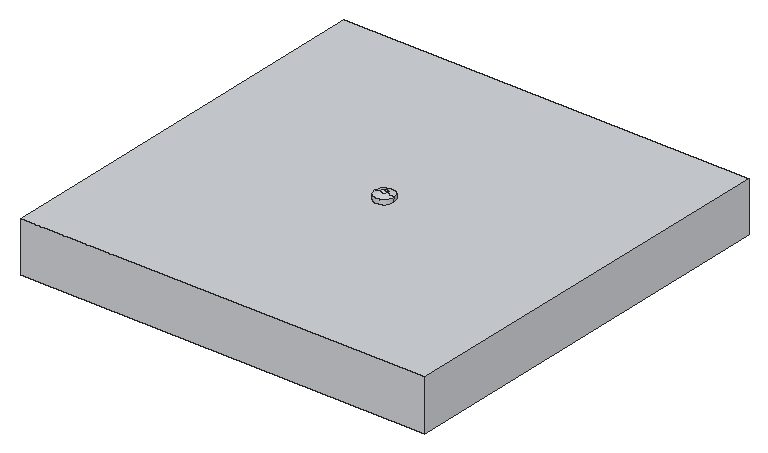
Revit family "M_Sensor de iluminação solar do forro - Baixa voltagem", category Dispositivos de iluminação, Revit 2019
Family settings
  Hospedeiro = Face
  Manter orientação da anotação = Sim
  Cota do conector redondo = Utilizar diâmetro
  Tipo de parte = Interruptor
  Número OmniClass = 23.85.80.11.27
  Título OmniClass = Lighting Controls
  ID de item do Seek = Ceiling Daylighting Sensor - Low Voltage-0000-CAN-ENU
  Corte com vazios quando carregada = Não
  Compartilhado = Não
  Ponto de cálculo do ambiente = Não
Parameters (values of type "Padrão")
  Material da Lente = none
  Altura 1 = Altura do recobrimento / 3  # 12.667 mm
  Elevação-padrão = 1200 mm
  Raio do recobrimento = Diâmetro do recobrimento / 2  # 57 mm
  Material do recobrimento = none
  Altura do recobrimento = 38 mm
  Diâmetro do recobrimento = 114 mm
Reference planes
  plane 1 "Centro (Frente/Trás)": y = 0
  plane 2: z = 0
  plane 3 "Centro (Esquerda/Direita)": x = 0
  plane 4: z = 38
  plane 5: z = 25.333
  plane 6: x = -19.05
  plane 7: x = -57
  plane 8: z = 44.35
  plane 9: y = 57
  plane 10: y = -57
  plane 11: x = 57
Forms (mm)
  Extrusion 1, solid
    sketch origin (0, 0, 0) x (1, 0, 0) y (0, 1, 0)
      loop
        line (-1219.2, 1219.2) -> (-1219.2, -1219.2) -> (1219.2, -1219.2) -> (1219.2, 1219.2) -> (-1219.2, 1219.2)
    from 0 to -304.8
  Revolve 2, solid, material <- "Material do recobrimento"
    sketch origin (0, 0, 0) x (1, 0, 0) y (0, 0, 1)
      loop
        line (-19.05, 38) -> (-57, 25.333) -> (-57, 0) -> (0, 0) -> (0, 38) -> (-19.05, 38)
      axis (0, 38) -> (0, 0)
    angle from 0 to 360
  Revolve 3, solid, material <- "Material da Lente"
    sketch origin (0, 0, 0) x (1, 0, 0) y (0, 0, 1)
      loop
        line (-19.05, 38) -> (0, 38) -> (0, 44.35)
        arc (0, 44.35) -> (-10.04, 42.721) -> (-19.05, 38) r 31.75
      axis (0, 44.35) -> (0, 38)
    angle from 0 to 360
Lines and regions (mm)
  symbolic lines, detail levels coarse+medium
    curve 1: line (0, 57, 0) -> (-57, 0, 0)
    curve 2: line (-57, 0, 0) -> (0, -57, 0)
    curve 3: line (0, -57, 0) -> (57, 0, 0)
    curve 4: line (57, 0, 0) -> (0, 57, 0)
  symbolic lines, detail levels fine
    curve 5: circle (0, 0, 0) r 57 normal (0, 0, 1)
    curve 6: circle (0, 0, 0) r 19.05 normal (0, 0, 1)
Dimensions and locks
  "Altura do recobrimento": plane 4 to plane 2
  "Altura 1": plane 4 to plane 5
  locked: plane 3 "Centro (Esquerda/Direita)" to plane 6 at 19.05
  "Raio do recobrimento": plane 3 "Centro (Esquerda/Direita)" to plane 7
  locked: plane 8 to plane 4 at 6.35
  "Raio do recobrimento": plane 9 to plane 1 "Centro (Frente/Trás)"
  "Raio do recobrimento": plane 10 to plane 1 "Centro (Frente/Trás)"
  "Raio do recobrimento": plane 3 "Centro (Esquerda/Direita)" to plane 11
  "Raio do recobrimento": radius of curve 5
  radius of curve 6 = 19.05 mm
  aligned and locked: plane 2 to Extrusion 1
  aligned and locked: level to Extrusion 1
  aligned and locked: plane 1 "Centro (Frente/Trás)" to nested 1
  aligned and locked: plane 3 "Centro (Esquerda/Direita)" to nested 1
  aligned and locked: plane 6 to Revolve 2 sketch curve
  aligned and locked: plane 3 "Centro (Esquerda/Direita)" to Revolve 2 sketch curve  (x2)
  aligned and locked: Revolve 2 sketch curve to plane 4
  aligned and locked: plane 7 to Revolve 2 sketch curve
  aligned and locked: Revolve 2 sketch curve to plane 2
  aligned and locked: plane 5 to Revolve 2 sketch curve
  aligned and locked: Revolve 2 sketch curve to plane 7
  aligned and locked: Revolve 2 sketch curve to plane 3 "Centro (Esquerda/Direita)"
  aligned and locked: plane 4 to Revolve 2 sketch curve
  aligned and locked: plane 2 to Revolve 2 sketch curve
  aligned and locked: plane 8 to Revolve 3 sketch curve
  aligned and locked: plane 4 to Revolve 3 sketch curve
  aligned and locked: Revolve 3 sketch curve to plane 3 "Centro (Esquerda/Direita)"  (x2)
  aligned and locked: plane 6 to Revolve 3 sketch curve
  aligned and locked: plane 3 "Centro (Esquerda/Direita)" to Revolve 3 sketch curve
  aligned and locked: Revolve 3 sketch curve to plane 4
  aligned and locked: plane 3 "Centro (Esquerda/Direita)" to curve 1
  aligned and locked: plane 1 "Centro (Frente/Trás)" to curve 2
  aligned and locked: plane 3 "Centro (Esquerda/Direita)" to curve 3
  aligned and locked: plane 1 "Centro (Frente/Trás)" to curve 4
  aligned and locked: plane 11 to curve 4
  aligned and locked: plane 1 "Centro (Frente/Trás)" to curve 5
  aligned and locked: plane 3 "Centro (Esquerda/Direita)" to curve 5
  aligned and locked: plane 1 "Centro (Frente/Trás)" to curve 6
  aligned and locked: plane 3 "Centro (Esquerda/Direita)" to curve 6
Automatic sketch dimensions
  Extrusion 1 sketch curve to Extrusion 1 sketch curve = 2438.4 mm  (x2)
  Revolve 2 sketch curve to Revolve 2 sketch curve = 30.701 mm
  Revolve 2 sketch curve to Revolve 2 sketch curve = 12.7 mm
  plane 8 to Revolve 3 sketch curve = 13.108 mm
  Revolve 3 sketch curve to Revolve 3 sketch curve = 4.077 mm
Nested families
  nested 1: "M_Anotação de legenda 3-32" at (0, 0, 0), type "Anotação de legenda 3-32", detail levels coarse+medium
Connectors
  electrical at (0, 0, 38)
    settings: on Revolve 2, index 1, voltage 0 V, apparent load 0 VA, apparent load phase1 0 VA, apparent load phase2 0 VA, apparent load phase3 0 VA, power factor 1, load classification "Outros", number of poles 1, system type 13, power factor state 1, is connector primary yes, connector utility no, sub classification motor no, connector description ""
Definition of nested family "M_Anotação de legenda 3-32"
  Parameters
    Legenda = "M"
  Reference planes
    plane 1: y = 0
    plane 2: x = 0
  Text (mm)
    label "Legenda" at (0.095, -0.088, 0), shows "Legenda"
